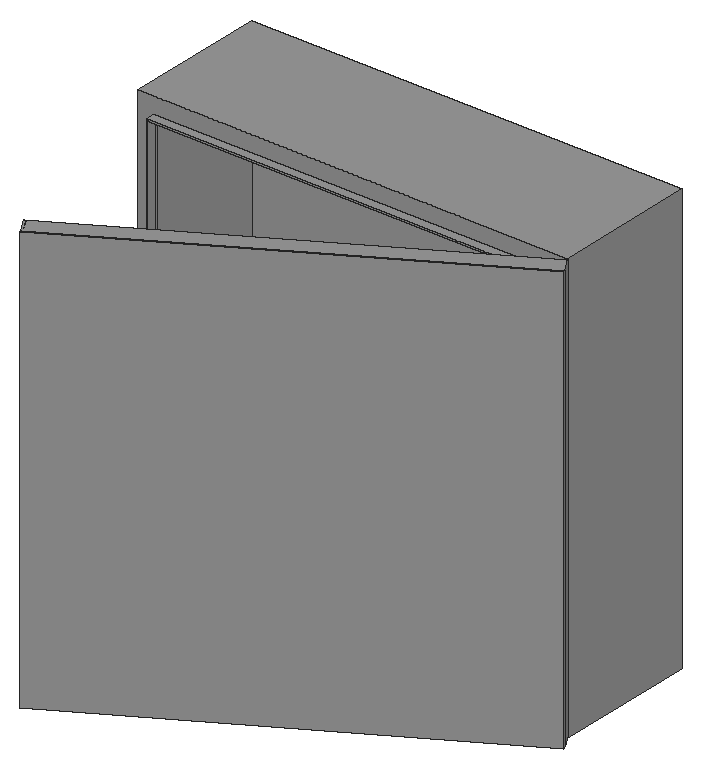
Revit family "Hager-Orion_Inox-IP66-D150-Cl.I-Inox_encl-630A-400mm-NoHosted-CH-fr", category Equipement électrique, Revit 2020
Family settings
  Configuration du panneau = Deux colonnes, circuits au sein
  Cote de connecteur circulaire = Utiliser le diamètre
  Type d'élément = Tableau de raccordement
  Basée sur le plan de construction = Oui
  Toujours verticalement = Oui
  Couper avec des vides une fois chargée = Non
  Partagée = Non
  Point de calcul de pièce = Non
Parameters (values of type "saillie IP66 L400 H400 P150  - FL014BWL")
  Width Control [instance] = if([EF000008 - largeur] > Min Width, [EF000008 - largeur], Min Width)  # 400 mm
  Commentaires du type = [HG000003 - Gamme]  # "Orion Inox"
  Thickness Door [instance] = if([EF009171 - épaisseur de matériau de la porte/du couvercle] > 3 mm, 3 mm, [EF009171 - épaisseur de matériau de la porte/du couvercle])  # 1.5 mm
  Seal Frame Offset [instance] = 17 mm  # constant formula
  Min Width [instance] = 100 mm  # constant formula
  Min Depth [instance] = (2 * [EF009170 - épaisseur de matériau du boîtier]) + 1 mm  # 4 mm
  Min Height [instance] = 100 mm  # constant formula
  Internal Frame Depth [instance] = -(Door System Depth * 0.5)  # -9 mm
  Panel Name [instance] = ""  # (empty or 0)
  Model = ""
  HG000027 - Hauteur du socle = 0 mm
  HG000026 - Installation au sol = no
  HG000024 - Hauteur de la section basse = 600 mm
  HG000023 - Armoire double section = no
  HG000016 - Visibilité de la porte 3D [instance] = yes
  HG000015 - Visibilité de l'emprise de la porte [instance] = no
  HG000014 - Porte à droite [instance] = yes
  HG000013 - Porte à gauche [instance] = not([HG000014 - Porte à droite])  # no
  HG000012 - Angle de pivotement de la porte [instance] = 30.00°
  HG000010 - Portes asymétriques = no
  HG000009 - Porte à double battant = no
  HG000006 - Encastré = no
  HG000004 - Référence fabricant = "FL014BWL"
  HG000003 - Gamme = "Orion Inox"
  HG000002 - avec porte = yes
  Frame Offset Bottom [instance] = 10 mm  # constant formula
  Frame Offset [instance] = 15 mm  # constant formula
  EF015940 - couvercle avec décharge de pression = no
  EF011959 - degré de protection (NEMA) = ""
  EF009554 - nombre d'ouvertures pour plaques à bride = 0
  EF009212 - finition du couvercle = "EV009916 - avec échancrure"
  EF009171 - épaisseur de matériau de la porte/du couvercle = 1.5 mm
  EF009170 - épaisseur de matériau du boîtier = 1.5 mm
  EF008873 - courant nominal (In) = 630 A
  EF007800 - adapté à un parafoudre = no
  EF006306 - avec serrure = no
  EF006244 - couvercle/porte transparent(e) = no
  EF005474 - indice de protection (IP) = "EV006422 - IP66"
  EF004464 - type de porte = "EV002646 - unique"
  EF004427 - nombre de modules = 0
  EF004293 - indice de protection contre les chocs (IK) = "EV008784 - IK10"
  EF003532 - convient pour utilisation à l’extérieur = yes
  EF002950 - largeur en nombre de modules = 0
  EF001613 - maintien de fonction = ""
  EF001596 - matériau du boîtier/corps = "EV000166 - acier inoxydable"
  EF001131 - profondeur intérieure = 116 mm
  EF001088 - possibilité de montage en saillie = yes
  EF000437 - nombre d'entrées de conduit = 0
  EF000339 - type de capot = "EV004216 - porte"
  EF000266 - nombre de rangées = 0
  EF000218 - profondeur d'encastrement = 0 mm
  EF000118 - avec cadre/support de montage = no
  EF000116 - numéro RAL = ""
  EF000049 - profondeur = 150 mm
  EF000040 - hauteur = 400 mm
  EF000008 - largeur = 400 mm
  EF000007 - couleur = "EV000154 - autre"
  EF000003 - mode de pose = "EV000384 - saillie"
  Door System Leaf Tolerance [instance] = 1.5 mm  # constant formula
  Door System Depth [instance] = 18 mm  # constant formula
  Description = ""
  Default Elevation = 1219.2 mm
  Connector Offset [instance] = Height Control / 2  # 200 mm
  Fabricant = "Hager"  # constant formula
  Height Control [instance] = if([EF000040 - hauteur] > Min Height, [EF000040 - hauteur], Min Height)  # 400 mm
  Depth Control [instance] = if([EF000049 - profondeur] > Min Depth, [EF000049 - profondeur], Min Depth)  # 150 mm
Types (4, lengths in mm): name | Width Control | HG000004 - Référence fabricant | EF009212 - finition du couvercle | EF006306 - avec serrure | EF006244 - couvercle/porte transparent(e) | EF004293 - indice de protection contre les chocs (IK) | EF001613 - maintien de fonction | EF000008 - largeur
  saillie IP66 L300 H400 P150  - FL014TW | 300 | "FL014TW" | "EV000116 - fermé" | yes | yes | "EV006814 - IK08" | "EV000494 - sans" | 300
  saillie IP66 L300 H400 P150  - FL014TWL | 300 | "FL014TWL" | "EV000116 - fermé" | yes | yes | "EV006814 - IK08" | "EV000494 - sans" | 300
  saillie IP66 L400 H400 P150  - FL014BW | 400 | "FL014BW" | "EV009916 - avec échancrure" | no | no | "EV008784 - IK10" | "" | 400
  saillie IP66 L400 H400 P150  - FL014BWL | 400 | "FL014BWL" | "EV009916 - avec échancrure" | no | no | "EV008784 - IK10" | "" | 400
Reference planes
  plane 1 "Center (Front/Back)": y = 0
  plane 2: z = 0
  plane 3 "Center (Left/Right)": x = 0
  plane 4: y = 0
  plane 5: y = 0
  plane 6: z = 0
  plane 7: x = -200
  plane 8: x = 200
  plane 9: x = 198.5
  plane 10: x = -198.5
  plane 11: z = 0
  plane 12: z = 1.5
  plane 13: y = -150
  plane 14: y = -1.5
  plane 15: x = 0
  plane 16: y = -132
  plane 17: y = -148.5
  plane 18: y = -130.5
  plane 19: x = -183.5
  plane 20: x = 183.5
  plane 21: z = 11.5
  plane 22: x = -183
  plane 23: x = 183
  plane 24: z = 0
  plane 25: z = 400
  plane 26: z = 400
  plane 27: z = 383.5
  plane 28: z = 398.5
Forms (mm)
  Extrusion 1, solid, material "Hager_Stainless_Steel", detail levels medium+fine
    sketch origin (-208.679, -4572, 0) x (-1, 0, 0) y (0, -1, 0)
      loop
        line (-8.679, -4440) -> (-408.679, -4440) -> (-408.679, -4572) -> (-8.679, -4572) -> (-8.679, -4440)
    from 0 to 400
  Extrusion 2, void
    sketch origin (-350.771, -150, 1219.2) x (1, 0, 0) y (0, 0, 1)
      loop
        line (152.271, -820.7) -> (152.271, -1217.7) -> (549.271, -1217.7) -> (549.271, -820.7) -> (152.271, -820.7)
    from -19.5 to -148.5
  Extrusion 3, void
    sketch origin (-290.084, -132, 1219.2) x (1, 0, 0) y (0, 0, 1)
      loop
        line (106.584, -1207.7) -> (473.584, -1207.7) -> (473.584, -835.7) -> (106.584, -835.7) -> (106.584, -1207.7)
    from 0 to -1.5
  Extrusion 4, solid, material "Hager_Stainless_Steel", detail levels fine
    sketch origin (-290.084, -132, 1219.2) x (-1, 0, 0) y (0, 0, 1)
      loop
        line (-473.584, -1207.7) -> (-106.584, -1207.7) -> (-106.584, -835.7) -> (-473.584, -835.7) -> (-473.584, -1207.7)
      loop
        line (-475.084, -1209.2) -> (-105.084, -1209.2) -> (-105.084, -834.2) -> (-475.084, -834.2) -> (-475.084, -1209.2)
    from 0 to -9 <- "Internal Frame Depth"
  Extrusion 5, solid, material "Hager_Stainless_Steel", detail levels coarse
    sketch origin (0, 0, 0) x (1, 0, 0) y (0, 1, 0)
      loop
        line (-200, 0) -> (-200, -150) -> (200, -150) -> (200, 0) -> (-200, 0)
    from 0 to 400 <- "Height Control"
Cuts and joins
  Extrusion 2, Extrusion 3 cuts Extrusion 1
Lines and regions (mm)
  Masking region 1
    outline origin (0, 0, 0) x (1, 0, 0) y (0, 1, 0)
      loop
        line (-200, 0) -> (-200, -150) -> (200, -150) -> (200, 0) -> (-200, 0)
  Masking region 2
    outline origin (-290.084, -132, 1219.2) x (-1, 0, 0) y (0, 0, 1)
      loop
        line (-490.084, -1219.2) -> (-90.084, -1219.2) -> (-90.084, -819.2) -> (-490.084, -819.2) -> (-490.084, -1219.2)
  Masking region 3, detail levels coarse
    outline origin (0, 0, 0) x (0, 1, 0) y (0, 0, 1)
      loop
        line (0, 0) -> (0, 400) -> (-150, 400) -> (-150, 0) -> (0, 0)
  Masking region 4, detail levels medium+fine
    outline origin (0, 0, 594.038) x (0, 1, 0) y (0, 0, 1)
      loop
        line (0, -594.038) -> (0, -194.038) -> (-132, -194.038) -> (-132, -594.038) -> (0, -594.038)
Dimensions and locks
  locked: plane 1 "Center (Front/Back)" to plane 5
  "EF009170 - épaisseur de matériau du boîtier": plane 7 to plane 10
  "EF009170 - épaisseur de matériau du boîtier": plane 8 to plane 9
  equal spacing: plane 7, plane 3 "Center (Left/Right)", plane 8
  "Width Control": plane 7 to plane 8
  "Depth Control": plane 4 to plane 13
  "EF009170 - épaisseur de matériau du boîtier": plane 4 to plane 14
  "Height Control": plane 25 to level
  "EF009170 - épaisseur de matériau du boîtier": plane 12 to plane 11
  "EF009170 - épaisseur de matériau du boîtier": plane 17 to plane 13
  "EF009170 - épaisseur de matériau du boîtier": plane 18 to plane 16
  "Frame Offset Bottom": plane 21 to plane 12
  "Frame Offset": plane 10 to plane 19
  "Frame Offset": plane 9 to plane 20
  "Door System Depth": plane 16 to plane 13
  "Seal Frame Offset": plane 7 to plane 22
  "Seal Frame Offset": plane 8 to plane 23
  "EF009170 - épaisseur de matériau du boîtier": plane 26 to plane 28
  "Frame Offset": plane 28 to plane 27
  "Connector Offset": plane 2 to connector elem
  "Thickness Door": cut or joined group of Extrusion 1, Extrusion 2, Extrusion 3 to Extrusion 4 sketch curve
  "Thickness Door": Extrusion 4 sketch curve to plane 19
  "Thickness Door": Extrusion 4 sketch curve to plane 20
  "Thickness Door": Extrusion 4 sketch curve to plane 27
  aligned and locked: plane 12 to Extrusion 2 sketch curve
  aligned and locked: Extrusion 2 sketch curve to plane 9
  aligned and locked: Extrusion 2 sketch curve to plane 10
  aligned and locked: plane 14 to Extrusion 2
  aligned and locked: plane 4 to Extrusion 1 sketch curve
  aligned and locked: plane 8 to Extrusion 1 sketch curve
  aligned and locked: plane 7 to Extrusion 1 sketch curve
  aligned and locked: Extrusion 2 to plane 18
  aligned and locked: plane 19 to Extrusion 3 sketch curve
  aligned and locked: plane 20 to Extrusion 3 sketch curve
  aligned and locked: Extrusion 3 to Extrusion 2
  aligned and locked: Extrusion 3 sketch curve to plane 21
  aligned and locked: plane 3 "Center (Left/Right)" to nested 1
  aligned and locked: Extrusion 1 sketch curve to plane 16
  aligned and locked: Masking region 1 sketch curve to plane 7
  aligned and locked: Masking region 1 sketch curve to plane 5
  aligned and locked: Masking region 1 sketch curve to plane 8
  aligned and locked: Masking region 2 sketch curve to level
  aligned and locked: level to Masking region 3 sketch curve
  aligned and locked: plane 1 "Center (Front/Back)" to Masking region 3 sketch curve
  aligned and locked: plane 13 to Masking region 3 sketch curve
  aligned and locked: Masking region 2 sketch curve to plane 8
  aligned and locked: Masking region 2 sketch curve to plane 7
  aligned and locked: plane 7 to nested 2
  aligned and locked: nested 2 to plane 5
  aligned and locked: plane 5 to Masking region 4 sketch curve
  aligned and locked: plane 26 to Masking region 4 sketch curve
  aligned and locked: Extrusion 5 sketch curve to plane 8
  aligned and locked: Extrusion 5 sketch curve to plane 7
  aligned and locked: Extrusion 5 sketch curve to plane 5
  aligned and locked: plane 27 to Extrusion 3 sketch curve
  aligned and locked: Extrusion 2 sketch curve to plane 28
  aligned and locked: plane 27 to Extrusion 4 sketch curve
  aligned and locked: Extrusion 4 sketch curve to plane 20
  aligned and locked: plane 21 to Extrusion 4 sketch curve
  aligned and locked: Extrusion 4 sketch curve to plane 19
  aligned and locked: Masking region 2 to plane 25
  aligned and locked: Masking region 4 sketch curve to plane 24
  aligned and locked: Masking region 1 to plane 13
  aligned and locked: nested 1 to plane 16
  aligned and locked: Masking region 3 to plane 25
  aligned and locked: Masking region 4 sketch curve to plane 16
  aligned and locked: plane 24 to plane 11
  aligned and locked: plane 26 to plane 25
  aligned and locked: level to plane 24
  aligned and locked: Extrusion 1 to Masking region 3
  aligned and locked: level to nested 1
Automatic sketch dimensions
  Extrusion 5 sketch curve to plane 13 = 0 mm
  plane 27 to Masking region 2 sketch curve = 16.5 mm
  plane 27 to Masking region 3 sketch curve = 16.5 mm
  Masking region 1 sketch curve to plane 13 = 0 mm
  Extrusion 3 sketch curve to plane 21 = 0 mm
  plane 19 to Extrusion 3 sketch curve = 0 mm
  Extrusion 3 sketch curve to plane 20 = 0 mm
Nested families
  nested 1: "EC000058_OrionInox_Door" at (0, -132, 0), Double <- "HG000009 - Porte à double battant", Transparent <- "EF006244 - couvercle/porte transparent(e)", Angle <- "HG000012 - Angle de pivotement de la porte", Door_Right <- "HG000014 - Porte à droite", Assymetrical <- "HG000010 - Portes asymétriques", Door <- "HG000002 - avec porte", Width_Ctrl <- "Width Control", 3d_Door <- "HG000016 - Visibilité de la porte 3D", Clearance <- "HG000015 - Visibilité de l'emprise de la porte", Door_Left <- "HG000013 - Porte à gauche", Width <- "Width Control", Door_Depth <- "Door System Depth", Leaf_Tolerance <- "Door System Leaf Tolerance", Height <- "Height Control", Thickness <- "Thickness Door", type "EC000058_OrionInox_Door", detail levels medium+fine
    with min_wh 4 mm, Width_Ctrl 400 mm, Width 400 mm, Transparent no, Thickness 1.5 mm, Seal_Material Hager_Rubber, Leaf_Width 400 mm, Leaf_Tolerance_External_Sides 0 mm, Leaf_Tolerance 1.5 mm, Leaf_Offset 0 mm, Leaf_Height 397 mm, Leaf_2_Width 400 mm, Leaf_2_Offset 200 mm, Leaf_1_Width 400 mm, Leaf_1_Offset 200 mm, Height_Ctrl 400 mm, Height 400 mm, Glass_Material Hager_Glass, Double_Clearance_Ctrl no, Double no, Door_Right_Ctrl yes, Door_Right yes, Door_Material Hager_Stainless_Steel, Door_Left_Ctrl no, Door_Left no, Door_Depth 18 mm, Door yes, Clearance_Material Hager_Clearance, Clearance_Depth 400 mm, Clearance_Ctrl no, Clearance no, Assymetrical no, Angle 30.00°, 3d_Door yes
  nested 2: "Hager_Enclosure_Symbol" at (-200, 0, 0), Height <- "Depth Control", Width <- "Width Control", type "Hager_Enclosure_Symbol"
    with Width_Ctrl 400 mm, Width 400 mm, Height_Ctrl 150 mm, Height 150 mm, A_Width_Int 9.844 mm, A_Width 118.125 mm, A_Height_Ctrl 131.25 mm, A_Height 131.25 mm
Connectors
  electrical at (0, 0, 200)
    settings: on plane 1 "Center (Front/Back)", index 1, voltage 0 V, apparent load 0 VA, apparent load phase1 0 VA, apparent load phase2 0 VA, apparent load phase3 0 VA, power factor 1, load classification "Other", number of poles 1, system type 30, power factor state 1, is connector primary yes, connector utility no, sub classification motor no, connector description ""
Definition of nested family "EC000058_OrionInox_Door"
  Parameters (values of type "EC000058_OrionInox_Door")
    min_wh [instance] = (2 * Thickness) + 1 mm  # 11 mm
    Width_Ctrl [instance] = 400 mm
    Width [instance] = 500 mm
    Transparent [instance] = yes
    Thickness [instance] = 5 mm
    Seal_Material [instance] = none
    Leaf_Width [instance] = if((Width_Ctrl - 2 * Leaf_Tolerance_External_Sides) > 0 mm, (Width_Ctrl - 2 * Leaf_Tolerance_External_Sides), min_wh)  # 400 mm
    Leaf_Tolerance_External_Sides [instance] = 0 mm  # constant formula
    Leaf_Tolerance [instance] = 1.5 mm
    Leaf_Offset [instance] = 0 mm  # constant formula
    Leaf_Height [instance] = if((Height_Ctrl - 2 * Leaf_Tolerance) > 0 mm, (Height_Ctrl - 2 * Leaf_Tolerance), min_wh)  # 497 mm
    Leaf_2_Width [instance] = if(and(and(Double, Assymetrical), Door_Left), (Leaf_Width / 3) - (Leaf_Tolerance / 2), if(and(and(Double, Assymetrical), Door_Right), (Leaf_Width / 3) * 2 - (Leaf_Tolerance / 2), if(and(Double, not(Assymetrical)), (Leaf_Width / 2) - Leaf_Tolerance, Leaf_Width)))  # 400 mm
    Leaf_2_Offset [instance] = if(and(Double, Assymetrical), Leaf_2_Width / 2, if(and(Double, not(Assymetrical)), Leaf_Width / 4, Leaf_Width / 2))  # 200 mm
    Leaf_1_Width [instance] = if(and(and(Double, Assymetrical), Door_Right), (Leaf_Width / 3) - (Leaf_Tolerance / 2), if(and(and(Double, Assymetrical), Door_Left), (Width / 3) * 2 - (Leaf_Tolerance / 2), if(and(Double, not(Assymetrical)), (Leaf_Width / 2) - Leaf_Tolerance, Leaf_Width)))  # 400 mm
    Leaf_1_Offset [instance] = if(and(Double, Assymetrical), Leaf_1_Width / 2, if(and(Double, not(Assymetrical)), Leaf_Width / 4, Leaf_Width / 2))  # 200 mm
    Height_Ctrl [instance] = if(Height > min_wh, Height, min_wh)  # 500 mm
    Height [instance] = 500 mm
    Glass_Material [instance] = none
    Double_Clearance_Ctrl [instance] = and(Double, Clearance)  # no
    Double [instance] = no
    Door_Right_Ctrl [instance] = and(or(Door_Right, Double), Door)  # yes
    Door_Right [instance] = yes
    Door_Material [instance] = none
    Door_Left_Ctrl [instance] = and(or(Door_Left, Double), Door)  # no
    Door_Left [instance] = no
    Door_Depth [instance] = 30 mm
    Door [instance] = yes
    Default Elevation = 1219.2 mm
    Clearance_Material [instance] = none
    Clearance_Depth [instance] = if(Leaf_1_Width > Leaf_2_Width, Leaf_1_Width, Leaf_2_Width)  # 400 mm
    Clearance_Ctrl [instance] = and(not(Double), Clearance)  # yes
    Clearance [instance] = yes
    Assymetrical [instance] = yes
    Angle [instance] = 30.00°
    3d_Door [instance] = yes
  Reference planes
    plane 1 "Center (Front/Back)": y = 0
    plane 2 "Bottom": z = 0
    plane 3 "Center (Left/Right)": x = 0
    plane 4: z = 500
    plane 5: x = -200
    plane 6: x = 200
    plane 7: z = 500
    plane 8: x = -200
    plane 9: z = 0
    plane 10: x = 200
    plane 11: y = 0
    plane 12: z = 1.5
    plane 13: x = -600
    plane 14: y = -400
    plane 15: x = 600
    plane 16: x = 0
    plane 17: x = 0
    plane 18: x = -200
    plane 19: x = 200
    plane 20: z = 498.5
  Forms (mm)
    Extrusion 1, solid, material <- "Clearance_Material", visible <- "Double_Clearance_Ctrl"
      sketch origin (1200, 0, 0) x (1, 0, 0) y (0, 0, -1)
        loop
          line (-1800, -498.5) -> (-600, -498.5) -> (-600, 0) -> (-1800, 0) -> (-1800, -498.5)
      from 0 to -400
  Dimensions and locks
    equal spacing: plane 5, plane 3 "Center (Left/Right)", plane 6
    "Width_Ctrl": plane 5 to plane 6
    "Leaf_Offset": plane 5 to plane 8
    "Leaf_Offset": plane 6 to plane 10
    "Leaf_Offset": plane 9 to level
    "Leaf_Offset": plane 4 to plane 7
    "Height_Ctrl": plane 4 to level
    "Leaf_Tolerance": plane 12 to plane 9
    locked: plane 11 to plane 1 "Center (Front/Back)"
    "Leaf_1_Offset": plane 18 to plane 16
    "Leaf_2_Offset": plane 17 to plane 19
    "Leaf_1_Width": plane 13 to plane 8
    "Leaf_2_Width": plane 10 to plane 15
    "Clearance_Depth": plane 14 to plane 1 "Center (Front/Back)"
    "Leaf_Tolerance_External_Sides": plane 8 to plane 18
    "Leaf_Tolerance_External_Sides": plane 19 to plane 10
    "Leaf_Tolerance": plane 7 to plane 20
    aligned and locked: level to plane 2 "Bottom"
    aligned and locked: nested 1 to plane 16
    aligned and locked: nested 2 to plane 17
    aligned and locked: Extrusion 1 to plane 13
    aligned and locked: plane 15 to Extrusion 1
    aligned and locked: Extrusion 1 to plane 14
    aligned and locked: plane 12 to nested 1
    aligned and locked: nested 2 to plane 12
    aligned and locked: Extrusion 1 to plane 11
    aligned and locked: plane 20 to Extrusion 1
    aligned and locked: nested 2 to plane 11
    aligned and locked: nested 1 to plane 11
  Automatic sketch dimensions
    Extrusion 1 sketch curve to level = 0 mm
    plane 5 to Extrusion 1 sketch curve = 400 mm
    plane 6 to Extrusion 1 sketch curve = 400 mm
    Extrusion 1 sketch curve to plane 4 = 1.5 mm
  Nested families
    nested 1: "EC000058_OrionInox_Door_Leaf" at (0, 0, 1.5), Width <- "Leaf_1_Width", visible <- "Door_Left_Ctrl", Leaf_Height <- "Leaf_Height", Angle <- "Angle", 3d_Door <- "3d_Door", Transparent <- "Transparent", Clearance Material <- "Clearance_Material", Clearance <- "Clearance_Ctrl", Door_Material <- "Door_Material", Glass_Material <- "Glass_Material", Door_Depth <- "Door_Depth", Seal_Material <- "Seal_Material", Thickness <- "Thickness", type "EC000058_OrionInox_Door_Leaf"
      with Width 400 mm, Transparent_Ctrl yes, Transparent yes, Thickness 5 mm, Standard no, Seal_Material none, Seal_D2 8 mm, Seal_D1 1 mm, Offset_Internal_Frame 10 mm, Lock_Width 28 mm, Lock_Thickness 2 mm, Lock_Radius 6 mm, Leaf_Height 497 mm, Internal_Seal_Thickness 8 mm, Internal_Seal_Depth_2 4.5 mm, Internal_Frame_Depth 25 mm, Glass_Thickness -1 mm, Glass_Offset -2 mm, Glass_Material none, Door_Material none, Door_Depth 30 mm, Clearance Material none, Clearance yes, Angle_Ctrl 30.00°, Angle 30.00°, 3d_Door yes
    nested 2: "EC000058_OrionInox_Door_Leaf" at (0, 0, 1.5) x (-1, 0, 0) z (0, 0, 1), Width <- "Leaf_2_Width", visible <- "Door_Right_Ctrl", Leaf_Height <- "Leaf_Height", Angle <- "Angle", 3d_Door <- "3d_Door", Transparent <- "Transparent", Clearance Material <- "Clearance_Material", Clearance <- "Clearance_Ctrl", Door_Material <- "Door_Material", Glass_Material <- "Glass_Material", Door_Depth <- "Door_Depth", Seal_Material <- "Seal_Material", Thickness <- "Thickness", type "EC000058_OrionInox_Door_Leaf"
      with Width 400 mm, Transparent_Ctrl yes, Transparent yes, Thickness 5 mm, Standard no, Seal_Material none, Seal_D2 8 mm, Seal_D1 1 mm, Offset_Internal_Frame 10 mm, Lock_Width 28 mm, Lock_Thickness 2 mm, Lock_Radius 6 mm, Leaf_Height 497 mm, Internal_Seal_Thickness 8 mm, Internal_Seal_Depth_2 4.5 mm, Internal_Frame_Depth 25 mm, Glass_Thickness -1 mm, Glass_Offset -2 mm, Glass_Material none, Door_Material none, Door_Depth 30 mm, Clearance Material none, Clearance yes, Angle_Ctrl 30.00°, Angle 30.00°, 3d_Door yes
  Definition of nested family "EC000058_OrionInox_Door_Leaf"
    Parameters (values of type "EC000058_OrionInox_Door_Leaf")
      Width [instance] = 450 mm
      Transparent_Ctrl [instance] = and(Transparent, [3d_Door])  # yes
      Transparent [instance] = yes
      Thickness [instance] = 5 mm
      Standard [instance] = and(not(Transparent), [3d_Door])  # no
      Seal_Material [instance] = none
      Seal_D2 [instance] = 8 mm  # constant formula
      Seal_D1 [instance] = 1 mm  # constant formula
      Offset_Internal_Frame [instance] = 10 mm  # constant formula
      Lock_Width [instance] = Door_Depth - Lock_Thickness  # 28 mm
      Lock_Thickness [instance] = 2 mm  # constant formula
      Lock_Radius [instance] = 6 mm  # constant formula
      Leaf_Height [instance] = 450 mm
      Internal_Seal_Thickness [instance] = 8 mm  # constant formula
      Internal_Seal_Depth_2 [instance] = 4.5 mm  # constant formula
      Internal_Frame_Depth [instance] = if(Door_Depth - Thickness > 5 mm, Door_Depth - Thickness, 5 mm)  # 25 mm
      Glass_Thickness [instance] = if(Thickness > 15 mm, Glass_Offset + 10 mm, -1 mm)  # -1 mm
      Glass_Offset [instance] = if(Thickness > 15 mm, -(Thickness + 10 mm) / 2, -2 mm)  # -2 mm
      Glass_Material [instance] = none
      Door_Material [instance] = none
      Door_Depth [instance] = 30 mm
      Default Elevation = 0 mm
      Clearance Material [instance] = none
      Clearance [instance] = yes
      Angle_Ctrl [instance] = if(Angle > 180.00°, 180.00°, Angle)  # 90.00°
      Angle [instance] = 90.00°
      3d_Door [instance] = yes
    Reference planes
      plane 1 "Center (Front/Back)": y = 0
      plane 2: z = 0
      plane 3 "Center (Left/Right)": x = 0
      plane 4: y = 450
      plane 5: x = -225
      plane 6: x = 225
      plane 7: x = -675
      plane 8: z = 450
      plane 9: z = 30
      plane 10: z = 420
      plane 11: x = 195
      plane 12: x = -195
      plane 13: y = -3
      plane 14: z = 107.833
      plane 15: y = -5
      plane 16: y = -223.314
      plane 17: x = -225
      plane 18: y = 30
    Forms (mm)
      Extrusion 1, solid, material <- "Clearance Material", visible <- "Clearance"
        sketch origin (0, 0, 0) x (1, 0, 0) y (0, 0, 1)
          loop
            line (-675, 450) -> (-675, 0) -> (225, 0) -> (225, 450) -> (-675, 450)
        from 0 to -450
      Extrusion 2, solid, material <- "Door_Material", visible <- "Standard", detail levels medium+fine
        sketch origin (-225, 0, 0) x (0, 1, 0) y (-1, 0, 0)
          loop
            line (0, 30) -> (0, 25) -> (450, 25) -> (450, 30) -> (0, 30)
        from 0 to 450 <- "Leaf_Height"
      Extrusion 3, solid, material <- "Door_Material", visible <- "Transparent_Ctrl", detail levels medium+fine
        sketch origin (-225, 0, 0) x (0, 1, 0) y (-1, 0, 0)
          loop
            line (0, 25) -> (450, 25) -> (450, 30) -> (0, 30) -> (0, 25)
        from 0 to 450 <- "Leaf_Height"
      Extrusion 4, void
        sketch origin (-250, 450, 0) x (0, 1, 0) y (0, 0, -1)
          loop
            line (-30, -420) -> (-30, -30) -> (-420, -30) -> (-420, -420) -> (-30, -420)
        from 0 to 5 <- "Thickness"
      Sweep 5, solid, material <- "Seal_Material", visible <- "Transparent_Ctrl", detail levels fine
        path in 3D
          loop
            line (-250, 30, 30) -> (-250, 30, 420) -> (-250, 420, 420) -> (-250, 420, 30) -> (-250, 30, 30)
        profile origin (-250, 225, 30) x (1, 0, 0) y (0, 0, 1)
          loop
            line (0, 0) -> (0, -8) -> (1, -8) -> (1, 0) -> (0, 0)
      Extrusion 6, solid, material <- "Glass_Material", visible <- "Transparent_Ctrl", detail levels medium+fine
        sketch origin (-255, 0, 0) x (0, 1, 0) y (0, 0, -1)
          loop
            line (420, -420) -> (420, -30) -> (30, -30) -> (30, -420) -> (420, -420)
        from -2 <- "Glass_Offset" to -1 <- "Glass_Thickness"
      Extrusion 7, solid, material <- "Door_Material", visible <- "3d_Door", detail levels medium+fine
        sketch origin (-250, 450, 0) x (0, -1, 0) y (0, 0, -1)
          loop
            line (0, -450) -> (450, -450) -> (450, 0) -> (0, 0) -> (0, -450)
          loop
            line (445, -5) -> (5, -5) -> (5, -445) -> (445, -445) -> (445, -5)
        from 0 to 25 <- "Internal_Frame_Depth"
      Sweep 8, solid, material <- "Seal_Material", visible <- "Transparent_Ctrl", detail levels fine
        path in 3D
          loop
            line (-250, 0, 0) -> (-250, 450, 0) -> (-250, 450, 450) -> (-250, 0, 450) -> (-250, 0, 0)
        profile origin (-250, 0, 225) x (1, 0, 0) y (0, 1, 0)
          loop
            line (0, 10) -> (2.975, 10)
            arc (2.975, 10) -> (4.053, 10.447) -> (4.5, 11.525) r 1.525
            line (4.5, 11.525) -> (4.5, 16.527)
            arc (4.5, 16.527) -> (4.069, 17.569) -> (3.027, 18) r 1.473
            line (3.027, 18) -> (0, 18) -> (0, 10)
    Cuts and joins
      Extrusion 4 cuts Extrusion 3
    Lines and regions (mm)
      Masking region 1, detail levels medium+fine
        outline origin (0, 0, 0) x (0, 1, 0) y (0, 0, 1)
          loop
            line (0, 0) -> (30, 0) -> (30, 450) -> (0, 450) -> (0, 0)
      Masking region 2, detail levels medium+fine
        outline origin (0, 0, 0) x (1, 0, 0) y (0, 0, 1)
          loop
            line (-225, 450) -> (-225, 0) -> (225, 0) -> (225, 450) -> (-225, 450)
      symbolic lines
        curve 1: line (225, 0, 0) -> (-675, 0, 0)
        curve 2: arc (225, 0, 0) -> (-225, 450, 0) -> (-675, 0, 0) r 450
        curve 4: line (-255, 0, 0) -> (-255, 450, 0)
      reference lines
        curve 3: line (-225, 0, 0) -> (-225, 450, 0)
      symbolic lines, detail levels medium+fine
        curve 5: line (-255, 450, 0) -> (-250, 450, 0)
        curve 7: line (-250, 0, 0) -> (-255, 0, 0)
        curve 8: line (-250, 0, 0) -> (-225, 0, 0)
        curve 9: line (-225, 0, 0) -> (-225, 450, 0)
        curve 10: line (-225, 450, 0) -> (-250, 450, 0)
      symbolic lines, detail levels fine
        curve 6: line (-250, 450, 0) -> (-250, 0, 0)
      sketch lines
        curve 11: line (-250, 0, 450) -> (-250, 0, 0)
        curve 12: line (-250, 450, 0) -> (-250, 0, 0)
        curve 13: line (-250, 450, 450) -> (-250, 450, 0)
        curve 14: line (-250, 0, 450) -> (-250, 450, 450)
        curve 15: line (-250, 420, 30) -> (-250, 30, 30)
        curve 16: line (-250, 30, 30) -> (-250, 30, 420)
        curve 17: line (-250, 420, 420) -> (-250, 420, 30)
        curve 18: line (-250, 30, 420) -> (-250, 420, 420)
      symbolic lines, visible <- "Transparent", detail levels medium+fine
        curve 19: line (-195, 0, 420) -> (195, 0, 420)
        curve 20: line (-195, 0, 30) -> (-195, 0, 420)
        curve 21: line (195, 0, 30) -> (-195, 0, 30)
        curve 22: line (195, 0, 420) -> (195, 0, 30)
    Dimensions and locks
      "Width": plane 1 "Center (Front/Back)" to plane 4
      equal spacing: plane 5, plane 3 "Center (Left/Right)", plane 6
      "Width": plane 5 to plane 6
      "Width": plane 7 to plane 5
      "Leaf_Height": plane 8 to level
      "Width": curve 5 to curve 3
      "Width": curve 3 to curve 3
      plane 8 to plane 10 = 30 mm
      plane 9 to level = 30 mm
      plane 12 to plane 5 = 30 mm
      plane 6 to plane 11 = 30 mm
      Extrusion 4 sketch curve to Extrusion 3 = 30 mm
      Extrusion 3 to Extrusion 4 sketch curve = 30 mm
      Extrusion 1 to Extrusion 4 sketch curve = 30 mm
      curve 3 to Extrusion 4 sketch curve = 30 mm
      Extrusion 4 sketch curve to cut or joined group of Extrusion 3, Extrusion 4 = 30 mm
      cut or joined group of Extrusion 3, Extrusion 4 to Extrusion 6 sketch curve = 30 mm
      cut or joined group of Extrusion 3, Extrusion 4 to Extrusion 4 sketch curve = 30 mm
      "Thickness": curve 6 to curve 4
      "Thickness": Extrusion 7 sketch curve to Extrusion 7 sketch curve  (x4)
      "Door_Depth": curve 4 to curve 3
      "Offset_Internal_Frame": profile plane to Sweep 8 sketch curve
      "Internal_Seal_Thickness": Sweep 8 sketch curve to Sweep 8 sketch curve
      "Internal_Seal_Depth_2": profile plane to Sweep 8 sketch curve
      "Seal_D1": profile plane to Sweep 5 sketch curve
      "Seal_D2": profile plane to Sweep 5 sketch curve
      "Thickness": Extrusion 2 sketch curve to Extrusion 2 sketch curve
      "Door_Depth": plane 18 to plane 1 "Center (Front/Back)"
      radius of Sweep 8 sketch curve = 1.525 mm
      radius of Sweep 8 sketch curve = 1.473 mm
      "Angle_Ctrl": angle plane 1 "Center (Front/Back)" to curve 3
      aligned and locked: level to plane 2
      aligned and locked: Extrusion 1 to curve 1
      aligned and locked: plane 6 to Extrusion 1
      aligned and locked: plane 1 "Center (Front/Back)" to Extrusion 1
      aligned and locked: plane 4 to Extrusion 1
      aligned and locked: plane 8 to Extrusion 1
      aligned and locked: curve 7 to Extrusion 2 sketch curve
      aligned and locked: curve 5 to Extrusion 2 sketch curve
      aligned and locked: curve 7 to Extrusion 3 sketch curve
      aligned and locked: Extrusion 3 sketch curve to curve 4
      aligned and locked: Extrusion 3 sketch curve to curve 6
      aligned and locked: Extrusion 3 sketch curve to curve 5
      aligned and locked: curve 9 to curve 3
      aligned and locked: Extrusion 7 sketch curve to cut or joined group of Extrusion 3, Extrusion 4  (x4)
      aligned and locked: plane 17 to curve 3
      aligned and locked: plane 1 "Center (Front/Back)" to curve 3
      aligned and locked: plane 17 to plane 5
      aligned and locked: Sweep 8 sketch curve to profile plane
      aligned and locked: Sweep 5 sketch curve to profile plane  (x2)
      aligned and locked: plane 1 "Center (Front/Back)" to Masking region 1 sketch curve
      aligned and locked: plane 18 to Masking region 1 sketch curve
      aligned and locked: level to Masking region 1 sketch curve
      aligned and locked: Masking region 1 sketch curve to plane 8
      aligned and locked: plane 17 to Masking region 2 sketch curve
      aligned and locked: level to Masking region 2 sketch curve
      aligned and locked: Masking region 2 sketch curve to plane 8
      aligned and locked: plane 12 to curve 20
      aligned and locked: plane 10 to curve 19
      aligned and locked: plane 11 to curve 22
      aligned and locked: plane 9 to curve 21
      aligned and locked: Extrusion 2 sketch curve to cut or joined group of Extrusion 3, Extrusion 4
    Automatic sketch dimensions
      plane 1 "Center (Front/Back)" to curve 2 = 0 mm
      curve 2 to plane 5 = 0 mm
      Extrusion 1 sketch curve to level = 0 mm
      Extrusion 1 sketch curve to plane 7 = 0 mm
      Extrusion 1 sketch curve to plane 6 = 0 mm
      Extrusion 1 sketch curve to plane 8 = 0 mm
      Extrusion 3 to Extrusion 6 sketch curve = 30 mm  (x4)
      Masking region 2 sketch curve to plane 6 = 0 mm
      curve 4 to curve 3 = 0 mm
Definition of nested family "Hager_Enclosure_Symbol"
  Parameters (values of type "Hager_Enclosure_Symbol")
    Width_Ctrl [instance] = if(Width > 1 mm, Width, 1 mm)  # 102.27 mm
    Width [instance] = 102.27 mm
    Height_Ctrl [instance] = if(Height > 1 mm, Height, 1 mm)  # 66.5 mm
    A_Width_Int [instance] = if(A_Width / 12 > 2 mm, A_Width / 12, 2 mm)  # 4.364 mm
    A_Width [instance] = if(A_Height_Ctrl * 0.9 > 2 mm, A_Height_Ctrl * 0.9, 2 mm)  # 52.369 mm
    A_Height_Ctrl [instance] = if(A_Height > 2 mm, A_Height, 2 mm)  # 58.188 mm
    Height [instance] = 66.5 mm
    A_Height [instance] = Height - (Height / 8)  # 58.188 mm
  Reference planes
    plane 1 "Centre (avant/arrière)": y = 0
    plane 2: z = 0
    plane 3 "Centre (gauche/droite)": x = 0
    plane 4: x = 52.369
    plane 5: y = 33.042
    plane 6: y = 41.77
    plane 7: y = 66.5
    plane 8: x = 26.184
    plane 9: y = 37.406
    plane 10: x = 102.27
    plane 11: y = 66.5
    plane 12: y = 8.313
  Lines and regions (mm)
    Filled region 1, type "Solid_Black", in view "Niveau de réf."
      outline origin (0, 0, 0) x (1, 0, 0) y (0, 1, 0)
        loop
          line (52.369, 66.5) -> (33.188, 54.536) -> (45.365, 45.006) -> (52.369, 66.5)
    Filled region 2, type "Solid_Black", in view "Niveau de réf."
      outline origin (0, 0, 0) x (1, 0, 0) y (0, 1, 0)
        loop
          line (0, 0) -> (102.27, 0) -> (102.27, 66.5) -> (0, 0)
    detail lines, in view "Niveau de réf."
      curve 1: line (0, 8.313, 0) -> (26.184, 41.77, 0)
      curve 2: line (26.184, 41.77, 0) -> (26.184, 33.042, 0)
      curve 3: line (26.184, 33.042, 0) -> (52.369, 66.5, 0)
  Dimensions and locks
    "A_Width": plane 3 "Centre (gauche/droite)" to plane 4
    equal spacing: plane 3 "Centre (gauche/droite)", plane 8, plane 4
    equal spacing: plane 6, plane 9, plane 5
    equal spacing: curve 3, Filled region 1 sketch curve, Filled region 1 sketch curve
    "Height_Ctrl": plane 1 "Centre (avant/arrière)" to plane 11
    "A_Height_Ctrl": plane 11 to plane 12
    equal spacing: plane 11, plane 9, plane 12
    "A_Width_Int": plane 6 to plane 9
    "Width_Ctrl": plane 3 "Centre (gauche/droite)" to plane 10
    angle Filled region 1 sketch curve to curve 3 = 20.00°
    angle curve 3 to Filled region 1 sketch curve = 20.00°
    locked: curve 3 to Filled region 1 sketch curve (angle 90.00°)
    aligned and locked: plane 10 to Filled region 2
    aligned and locked: plane 11 to Filled region 2 sketch curve
    aligned and locked: plane 10 to Filled region 2 sketch curve
    aligned and locked: plane 3 "Centre (gauche/droite)" to curve 1
    aligned and locked: plane 12 to curve 1
    aligned and locked: plane 7 to plane 11
  Automatic sketch dimensions
    Filled region 1 sketch curve to plane 4 = 0 mm
    Filled region 1 sketch curve to plane 7 = 0 mm
    plane 1 "Centre (avant/arrière)" to Filled region 2 sketch curve = 0 mm
    Filled region 2 sketch curve to plane 3 "Centre (gauche/droite)" = 0 mm
    curve 2 to plane 6 = 0 mm
    curve 2 to plane 8 = 0 mm
    curve 3 to plane 4 = 0 mm
    curve 2 to plane 5 = 0 mm
    curve 3 to plane 7 = 0 mm
